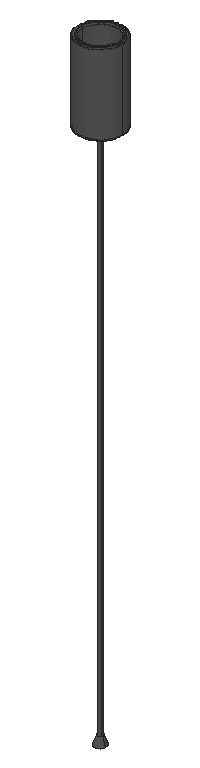
Revit family "CARLO CYLINDER LIGHT Pendant_ Surface", category Lighting Fixtures, host Face, Revit 2020 (continued)
Types (13): name | Wattage_Input | Wattage Comments | Wattage | built-in parameter 1150134 | Size 08 | Size 04 | Photometric Web File | built-in parameter 1150142 | Model | built-in parameter 1150105 | Lumens | built-in parameter 1150107 | built-in parameter 1150106 | Fixture Height | Fixture Diameter | BEAMING ANGLE | Apparent Load
  CCL3-06-10SPSW8-60-PSM-BK | 10 W | "6W/8W/10W" | 6.05889 W | (empty or 0) | yes | no | "CCL3 10W 3000K 60° (up and down light).IES" | "IESNA:LM-63-2002\r\n[TEST] CCL3 10W 3000K 60¡ã (up and down light)\r\n[TESTLAB] EVERFINE\r\n[TESTDATE] 2024-07-04\r\n[ISSUEDATE] 2024-07-05 00:33:17\r\n[NEARFIELD] \r\n[LAMPPOSITION] 0,0\r\n[OTHER] EVERFINE GO-2000_V1 SYSTEM\r\n[MANUFAC] Aboveall lighting\r\nTILT=NONE\r\n1 1457.8 1 361 73 1 2 0.000 0.000 0.000\r\n1.000 1 9.38932\r\n0.0    0.5    1.0    1.5    2.0    2.5    3.0    3.5    4.0    4.5    \r\n 5.0    5.5    6.0    6.5    7.0    7.5    8.0    8.5    9.0    9.5    \r\n 10.0   10.5   11.0   11.5   12.0   12.5   13.0   13.5   14.0   14.5   \r\n 15.0   15.5   16.0   16.5   17.0   17.5   18.0   18.5   19.0   19.5   \r\n 20.0   20.5   21.0   21.5   22.0   22.5   23.0   23.5   24.0   24.5   \r\n 25.0   25.5   26.0   26.5   27.0   27.5   28.0   28.5   29.0   29.5   \r\n 30.0   30.5   31.0   31.5   32.0   32.5   33.0   33.5   34.0   34.5   \r\n 35.0   35.5   36.0   36.5   37.0   37.5   38.0   38.5   39.0   39.5   \r\n 40.0   40.5   41.0   41.5   42.0   42.5   43.0   43.5   44.0   44.5   \r\n 45.0   45.5   46.0   46.5   47.0   47.5   48.0   48.5   49.0   49.5   \r\n 50.0   50.5   51.0   51.5   52.0   52.5   53.0   53.5   54.0   54.5   \r\n 55.0   55.5   56.0   56.5   57.0   57.5   58.0   58.5   59.0   59.5   \r\n 60.0   60.5   61.0   61.5   62.0   62.5   63.0   63.5   64.0   64.5   \r\n 65.0   65.5   66.0   66.5   67.0   67.5   68.0   68.5   69.0   69.5   \r\n 70.0   70.5   71.0   71.5   72.0   72.5   73.0   73.5   74.0   74.5   \r\n 75.0   75.5   76.0   76.5   77.0   77.5   78.0   78.5   79.0   79.5   \r\n 80.0   80.5   81.0   81.5   82.0   82.5   83.0   83.5   84.0   84.5   \r\n 85.0   85.5   86.0   86.5   87.0   87.5   88.0   88.5   89.0   89.5   \r\n 90.0   90.5   91.0   91.5   92.0   92.5   93.0   93.5   94.0   94.5   \r\n 95.0   95.5   96.0   96.5   97.0   97.5   98.0   98.5   99.0   99.5   \r\n 100.0  100.5  101.0  101.5  102.0  102.5  103.0  103.5  104.0  104.5  \r\n 105.0  105.5  106.0  106.5  107.0  107.5  108.0  108.5  109.0  109.5  \r\n 110.0  110.5  111.0  111.5  112.0  112.5  113.0  113.5  114.0  114.5  \r\n 115.0  115.5  116.0  116.5  117.0  117.5  118.0  118.5  119.0  119.5  \r\n 120.0  120.5  121.0  121.5  122.0  122.5  123.0  123.5  124.0  124.5  \r\n 125.0  125.5  126.0  126.5  127.0  127.5  128.0  128.5  129.0  129.5  \r\n 130.0  130.5  131.0  131.5  132.0  132.5  133.0  133.5  134.0  134.5  \r\n 135.0  135.5  136.0  136.5  137.0  137.5  138.0  138.5  139.0  139.5  \r\n 140.0  140.5  141.0  141.5  142.0  142.5  143.0  143.5  144.0  144.5  \r\n 145.0  145.5  146.0  146.5  147.0  147.5  148.0  148.5  149.0  149.5  \r\n 150.0  150.5  151.0  151.5  152.0  152.5  153.0  153.5  154.0  154.5  \r\n 155.0  155.5  156.0  156.5  157.0  157.5  158.0  158.5  159.0  159.5  \r\n 160.0  160.5  161.0  161.5  162.0  162.5  163.0  163.5  164.0  164.5  \r\n 165.0  165.5  166.0  166.5  167.0  167.5  168.0  168.5  169.0  169.5  \r\n 170.0  170.5  171.0  171.5  172.0  172.5  173.0  173.5  174.0  174.5  \r\n 175.0  175.5  176.0  176.5  177.0  177.5  178.0  178.5  179.0  179.5  \r\n 180.0  \r\n0.0    5.0    10.0   15.0   20.0   25.0   30.0   35.0   40.0   45.0   \r\n 50.0   55.0   60.0   65.0   70.0   75.0   80.0   85.0   90.0   95.0   \r\n 100.0  105.0  110.0  115.0  120.0  125.0  130.0  135.0  140.0  145.0  \r\n 150.0  155.0  160.0  165.0  170.0  175.0  180.0  185.0  190.0  195.0  \r\n 200.0  205.0  210.0  215.0  220.0  225.0  230.0  235.0  240.0  245.0  \r\n 250.0  255.0  260.0  265.0  270.0  275.0  280.0  285.0  290.0  295.0  \r\n 300.0  305.0  310.0  315.0  320.0  325.0  330.0  335.0  340.0  345.0  \r\n 350.0  355.0  360.0  \r\n2.1273 850.71 850.07 848.95 847.54 846.03 844.28 842.16 839.81 837.34 \r\n 834.72 832.11 829.1 825.12 820.78 816.62 812.35 807.84 803.15 798.2 \r\n 793.25 788.78 784.1 778.65 772.54 765.63 758.12 750.21 741.84 732.95 \r\n 723.75 714.48 705.07 695.58 685.84 675.65 665.2 654.6 643.87 633.13 \r\n 622.18 610.75 599.21 588.08 576.64 564.09 551.15 538.13 525.36 513.26 \r\n 501.81 491.21 481.14 471.27 461.75 452.76 443.86 434.55 425.14 415.73 \r\n 406.41 397.36 388.36 379.21 370.05 361.01 351.9 342.71 333.16 323.41 \r\n 312.17 297.87 281.56 263.45 244.52 225.97 207.4 188.94 170.29 150.89 \r\n 131.62 113.26 95.54 78.118 62.08 48.331 37.079 29.085 23.595 20.498 \r\n 18.627 16.657 14.943 13.365 12.025 11.016 10.242 9.6631 9.2007 8.7553 \r\n 8.3517 7.9857 7.6446 7.3106 6.9947 6.7057 6.4327 6.1654 5.9112 5.676 \r\n 5.4537 5.244 5.0365 4.8137 4.5959 4.4028 4.2186 4.0322 3.8498 3.6758 \r\n 3.5049 3.3311 3.1613 2.9999 2.8483 2.7132 2.5832 2.4465 2.3108 2.18 \r\n 2.0542 1.9353 1.8215 1.7107 1.6049 1.5046 1.4123 1.3348 1.2596 1.1824 \r\n 1.1073 1.0361 0.9709 0.91677 0.86667 0.81507 0.76248 0.70495 0.65038 0.60861 \r\n 0.56984 0.5253 0.48178 0.44413 0.40946 0.37586 0.34526 0.32061 0.29699 0.26947 \r\n 0.24098 0.20996 0.18487 0.18008 0.17636 0.15407 0.12881 0.11221 0.09655 0.078041 \r\n 0.056577 0.026168 0.00067114 0 0 0 0 0 0 0 \r\n 0 0 0 0 0 0 0 0 0 0.0029607 \r\n 0.0079125 0.014875 0.023841 0.032832 0.047786 0.079568 0.11142 0.12467 0.13594 0.15837 \r\n 0.18375 0.20777 0.23183 0.2534 0.27992 0.32276 0.36765 0.40031 0.43202 0.47004 \r\n 0.512 0.55836 0.60775 0.65827 0.71183 0.77034 0.83185 0.89392 0.95999 1.036 \r\n 1.112 1.1757 1.2405 1.3165 1.4004 1.4939 1.5924 1.6975 1.8085 1.9236 \r\n 2.0487 2.1947 2.3447 2.4826 2.6167 2.7445 2.8812 3.0485 3.2249 3.3932 \r\n 3.5616 3.7299 3.9061 4.1021 4.3062 4.5085 4.7148 4.9291 5.1473 5.3632 \r\n 5.588 5.8332 6.0923 6.3616 6.6448 6.9432 7.2596 7.5931 7.9558 8.3626 \r\n 8.8034 9.2646 9.7717 10.3 10.987 11.965 13.219 14.766 16.643 18.933 \r\n 21.524 23.864 27.364 33.279 41.524 52.728 65.996 80.664 96.66 113.77 \r\n 131.75 150.13 169.36 190.11 211.29 231.96 252.32 272.59 291.77 309.05 \r\n 324.14 335.99 346.12 355.79 364.82 373.33 381.64 390.21 398.74 406.99 \r\n 415.18 423.5 431.81 440 448.22 456.48 465.05 474.4 484.01 493.38 \r\n 502.97 513 523.67 535.46 547.85 560.62 573.38 585.62 597.45 608.8 \r\n 619.83 630.69 641.26 651.45 661.35 671.07 680.52 689.63 698.47 707.05 \r\n 715.38 723.44 731.26 738.9 746.15 752.5 758.81 766.13 773.32 779.34 \r\n 784.93 790.45 795.97 801.78 807.61 813.36 818.89 824.18 828.73 831.65 \r\n 834.14 837.37 840.54 843.19 845.46 847.32 848.82 850.07 850.9 851.17 \r\n 849.27 \r\n2.1273 850.73 850.04 848.95 847.58 846.06 844.28 842.16 839.84 837.44 \r\n 834.89 832.23 829.16 825.19 820.88 816.71 812.41 807.84 803.12 798.31 \r\n 793.49 788.98 784.19 778.6 772.38 765.49 758.04 750.12 741.74 732.85 \r\n 723.66 714.37 704.95 695.5 685.8 675.57 665.09 654.56 643.87 633 \r\n 621.91 610.46 598.94 587.78 576.31 563.72 550.75 537.72 525.03 513.32 \r\n 502.25 491.73 481.59 471.61 461.96 452.92 443.99 434.66 425.25 415.95 \r\n 406.72 397.66 388.63 379.52 370.39 361.34 352.24 343.1 333.58 323.7 \r\n 312.38 298.25 282.13 264.03 245.03 226.36 207.61 188.84 169.87 150.23 \r\n 130.83 112.48 94.891 77.761 61.985 48.226 36.895 28.899 23.423 20.352 \r\n 18.504 16.535 14.822 13.267 11.951 10.949 10.178 9.6114 9.1611 8.7214 \r\n 8.3204 7.9553 7.6135 7.2774 6.959 6.6685 6.3941 6.125 5.8693 5.6339 \r\n 5.4125 5.2049 4.9993 4.7767 4.5584 4.3643 4.1795 3.9941 3.8133 3.6409 \r\n 3.4713 3.2969 3.1266 2.9667 2.8168 2.6819 2.5515 2.4136 2.2765 2.1439 \r\n 2.0177 1.9031 1.7939 1.6845 1.5795 1.4816 1.3916 1.3149 1.2404 1.1646 \r\n 1.0904 1.0184 0.95195 0.89671 0.84581 0.794 0.74207 0.68734 0.63503 0.59175 \r\n 0.55075 0.50527 0.46206 0.42783 0.39604 0.36005 0.32684 0.30396 0.28299 0.2567 \r\n 0.22901 0.19854 0.17395 0.17035 0.16706 0.14244 0.11451 0.096708 0.081073 0.064185 \r\n 0.045819 0.021012 0.00054348 0 0 0 0 0 0 0 \r\n 0 0 0 0 0 0 0.000024 0.00027602 0.00274 0.010571 \r\n 0.020457 0.029557 0.039612 0.049836 0.064967 0.094303 0.12337 0.13557 0.14662 0.16968 \r\n 0.19585 0.22017 0.24392 0.26385 0.2885 0.32994 0.37424 0.40858 0.44171 0.47783 \r\n 0.5178 0.56516 0.61597 0.66681 0.71977 0.77599 0.8349 0.89524 0.96029 1.0364 \r\n 1.1132 1.179 1.2454 1.3202 1.4034 1.4992 1.6025 1.7096 1.8209 1.9323 \r\n 2.0533 2.1985 2.3482 2.4841 2.6166 2.7457 2.8834 3.0471 3.2198 3.3886 \r\n 3.5584 3.7275 3.904 4.0993 4.3014 4.4982 4.7007 4.9197 5.143 5.3563 \r\n 5.5766 5.8189 6.0751 6.3412 6.6211 6.9161 7.2294 7.5627 7.9221 8.3144 \r\n 8.7397 9.1935 9.695 10.221 10.895 11.829 13.028 14.525 16.351 18.587 \r\n 21.12 23.423 26.819 32.418 40.329 51.396 64.523 78.832 94.508 111.61 \r\n 129.64 147.96 167.08 187.64 208.61 229.11 249.4 269.77 289.18 306.81 \r\n 322.27 334.34 344.61 354.34 363.38 371.94 380.28 388.84 397.34 405.55 \r\n 413.72 422.05 430.35 438.44 446.59 455 463.71 472.87 482.28 491.68 \r\n 501.34 511.38 522.04 533.76 546.1 558.89 571.69 583.96 595.86 607.32 \r\n 618.46 629.42 640.07 650.33 660.29 670 679.46 688.68 697.61 706.23 \r\n 714.56 722.61 730.41 738.03 745.29 751.76 758.2 765.59 772.84 778.97 \r\n 784.64 790.12 795.57 801.33 807.19 813.14 818.85 824.08 828.54 831.47 \r\n 833.99 837.24 840.44 843.13 845.45 847.36 848.9 850.08 850.86 851.17 \r\n 849.27 \r\n2.1273 850.73 850 848.96 847.65 846.1 844.29 842.17 839.88 837.56 \r\n 835.06 832.35 829.23 825.3 821.04 816.87 812.55 807.9 803.15 798.47 \r\n 793.78 789.2 784.29 778.54 772.2 765.36 757.99 750.06 741.65 732.78 \r\n 723.62 714.33 704.9 695.48 685.8 675.52 665 654.56 643.94 632.96 \r\n 621.75 610.29 598.76 587.56 576.03 563.42 550.45 537.41 524.81 513.51 \r\n 502.85 492.42 482.25 472.14 462.35 453.23 444.26 434.91 425.54 416.36 \r\n 407.26 398.19 389.15 380.08 371.01 361.99 352.91 343.82 334.33 324.35 \r\n 312.96 299.03 283.14 265.09 246.04 227.26 208.3 189.13 169.75 149.87 \r\n 130.33 111.97 94.507 77.687 62.188 48.387 36.93 28.878 23.368 20.293 \r\n 18.451 16.474 14.758 13.222 11.926 10.923 10.15 9.593 9.1538 8.7183 \r\n 8.3177 7.9487 7.6016 7.2617 6.9399 6.6461 6.3688 6.0965 5.8384 5.6017 \r\n 5.3801 5.1739 4.9699 4.7474 4.5285 4.3327 4.1465 3.962 3.7825 3.6107 \r\n 3.4412 3.2667 3.0963 2.9377 2.7887 2.6527 2.5204 2.3815 2.2434 2.1083 \r\n 1.9811 1.8711 1.7675 1.6601 1.5566 1.4613 1.3735 1.2967 1.2227 1.1488 \r\n 1.0759 1.0027 0.93419 0.87699 0.82457 0.77224 0.72097 0.6695 0.61977 0.57416 \r\n 0.53008 0.48375 0.44115 0.41036 0.38131 0.34256 0.30634 0.28506 0.26665 0.24149 \r\n 0.21462 0.18506 0.16123 0.1584 0.15511 0.12843 0.097939 0.07793 0.061387 0.04636 \r\n 0.031954 0.014351 0.00037891 0 0 0 0 0 0 0 \r\n 0 0 0 0 0 0 0.000058 0.0015187 0.0066926 0.020527 \r\n 0.036456 0.048321 0.05985 0.071587 0.086934 0.11334 0.13921 0.15079 0.16208 0.18545 \r\n 0.21197 0.23647 0.26001 0.27895 0.30219 0.34159 0.38461 0.42086 0.45582 0.49009 \r\n 0.52801 0.57627 0.62845 0.67969 0.73206 0.78573 0.84165 0.89975 0.96334 1.0393 \r\n 1.1169 1.1854 1.2543 1.3281 1.4106 1.5104 1.6182 1.7275 1.8388 1.9463 \r\n 2.063 2.2072 2.3564 2.4901 2.6208 2.7515 2.8903 3.0503 3.219 3.3872 \r\n 3.5579 3.7282 3.9055 4.0998 4.2992 4.4898 4.6877 4.9116 5.1401 5.3507 \r\n 5.5661 5.8046 6.0572 6.3198 6.596 6.8866 7.1961 7.5296 7.8861 8.2627 \r\n 8.6708 9.1163 9.6116 10.136 10.795 11.677 12.813 14.259 16.031 18.2 \r\n 20.658 22.916 26.188 31.406 38.92 49.827 62.811 76.78 92.166 109.27 \r\n 127.39 145.73 164.8 185.13 205.85 226.18 246.38 266.76 286.33 304.38 \r\n 320.28 332.6 343.03 352.8 361.85 370.46 378.83 387.35 395.79 403.97 \r\n 412.11 420.45 428.74 436.71 444.77 453.36 462.21 471.17 480.35 489.79 \r\n 499.55 509.61 520.26 531.93 544.21 557.02 569.86 582.16 594.1 605.67 \r\n 616.94 628 638.75 649.11 659.14 668.85 678.31 687.63 696.68 705.34 \r\n 713.68 721.73 729.51 737.12 744.39 751 757.58 765.02 772.31 778.57 \r\n 784.34 789.76 795.14 800.86 806.74 812.88 818.76 823.91 828.25 831.22 \r\n 833.82 837.1 840.33 843.07 845.44 847.41 848.98 850.07 850.78 851.15 \r\n 849.27 \r\n2.1273 850.73 849.94 848.97 847.73 846.15 844.29 842.19 839.93 837.68 \r\n 835.23 832.46 829.28 825.41 821.21 817.04 812.69 807.98 803.18 798.62 \r\n 794.03 789.38 784.32 778.4 771.94 765.16 757.88 749.93 741.5 732.66 \r\n 723.53 714.25 704.83 695.41 685.73 675.4 664.85 654.5 643.95 632.89 \r\n 621.57 610.08 598.54 587.27 575.68 563.05 550.1 537.04 524.54 513.63 \r\n 503.36 493.04 482.86 472.66 462.75 453.53 444.5 435.17 425.86 416.81 \r\n 407.83 398.78 389.73 380.72 371.72 362.74 353.7 344.67 335.2 325.14 \r\n 313.7 299.95 284.25 266.26 247.19 228.29 209.1 189.51 169.7 149.59 \r\n 129.93 111.55 94.181 77.666 62.447 48.619 37.048 28.932 23.372 20.28 \r\n 18.433 16.446 14.726 13.207 11.929 10.924 10.147 9.5981 9.1681 8.7356 \r\n 8.3342 7.9586 7.6035 7.2592 6.9338 6.6359 6.3546 6.0789 5.818 5.5795 \r\n 5.357 5.1515 4.9485 4.7263 4.507 4.309 4.121 3.9371 3.7586 3.5866 \r\n 3.4167 3.242 3.0719 2.9144 2.766 2.6278 2.493 2.3533 2.2144 2.0766 \r\n 1.948 1.8425 1.7444 1.6395 1.5378 1.4447 1.3587 1.2813 1.2076 1.1359 \r\n 1.0648 0.99014 0.91903 0.85945 0.80514 0.75214 0.70146 0.65329 0.60611 0.55782 \r\n 0.51037 0.46339 0.42158 0.39392 0.36726 0.32575 0.28652 0.26659 0.25046 0.22629 \r\n 0.20022 0.17183 0.14893 0.14638 0.14263 0.11433 0.081704 0.058938 0.040863 0.027692 \r\n 0.017468 0.0073882 0.00020714 0 0 0 0 0 0 0 \r\n 0 0 0 0 0 0 0.000096 0.0029544 0.011044 0.030973 \r\n 0.052992 0.067637 0.080667 0.09402 0.1097 0.13321 0.15598 0.16734 0.17912 0.20245 \r\n 0.22889 0.25347 0.27692 0.29542 0.3177 0.35474 0.39606 0.43422 0.47114 0.50373 \r\n 0.53973 0.58872 0.6421 0.6938 0.7457 0.79679 0.84963 0.90533 0.96725 1.0428 \r\n 1.1209 1.1926 1.2644 1.3372 1.4191 1.5228 1.6349 1.7462 1.8575 1.9615 \r\n 2.0742 2.2173 2.3658 2.4973 2.6263 2.7585 2.8982 3.0547 3.2195 3.3867 \r\n 3.5575 3.7293 3.9075 4.1007 4.2973 4.4813 4.6744 4.9028 5.1363 5.3442 \r\n 5.5547 5.7893 6.0381 6.2972 6.5696 6.8554 7.1607 7.4942 7.848 8.2094 \r\n 8.6007 9.0379 9.5266 10.048 10.691 11.519 12.59 13.987 15.705 17.799 \r\n 20.172 22.382 25.521 30.333 37.422 48.146 60.986 74.664 89.817 106.96 \r\n 125.18 143.61 162.68 182.78 203.23 223.4 243.49 263.83 283.49 301.96 \r\n 318.33 330.92 341.51 351.33 360.38 369.03 377.43 385.89 394.26 402.4 \r\n 410.51 418.85 427.13 434.96 442.94 451.68 460.67 469.44 478.41 487.9 \r\n 497.76 507.83 518.48 530.09 542.34 555.16 568.04 580.35 592.32 604 \r\n 615.39 626.56 637.42 647.88 657.98 667.7 677.17 686.6 695.76 704.46 \r\n 712.82 720.86 728.64 736.25 743.55 750.29 757.01 764.47 771.78 778.17 \r\n 784.05 789.43 794.72 800.41 806.31 812.63 818.66 823.69 827.91 830.94 \r\n 833.65 836.97 840.22 843.01 845.42 847.45 849.04 850.05 850.67 851.11 \r\n 849.27 \r\n2.1273 850.71 849.87 848.97 847.82 846.2 844.3 842.21 839.97 837.77 \r\n 835.35 832.53 829.31 825.49 821.36 817.18 812.8 808.02 803.19 798.71 \r\n 794.19 789.43 784.22 778.13 771.55 764.82 757.63 749.65 741.18 732.37 \r\n 723.28 714.03 704.62 695.19 685.48 675.1 664.52 654.25 643.78 632.66 \r\n 621.25 609.73 598.15 586.79 575.12 562.48 549.53 536.49 524.08 513.49 \r\n 503.54 493.35 483.19 472.94 462.95 453.65 444.57 435.27 426.04 417.12 \r\n 408.25 399.22 390.19 381.25 372.32 363.41 354.43 345.44 335.99 325.87 \r\n 314.41 300.75 285.16 267.19 248.08 229.06 209.65 189.65 169.44 149.15 \r\n 129.42 111.01 93.709 77.468 62.515 48.725 37.116 28.97 23.379 20.271 \r\n 18.417 16.422 14.703 13.202 11.943 10.939 10.159 9.6166 9.1933 8.7631 \r\n 8.3603 7.9775 7.6143 7.2658 6.937 6.6349 6.3496 6.0707 5.8074 5.5672 \r\n 5.3438 5.1382 4.9354 4.7138 4.4944 4.2943 4.1041 3.9207 3.7431 3.5702 \r\n 3.3994 3.2248 3.0551 2.8985 2.7502 2.6096 2.4722 2.3319 2.1927 2.0523 \r\n 1.9224 1.8204 1.727 1.6247 1.5248 1.4333 1.3481 1.27 1.1964 1.1271 \r\n 1.0579 0.98166 0.90792 0.84595 0.78975 0.73606 0.68585 0.64054 0.59555 0.54471 \r\n 0.49414 0.44679 0.40588 0.38074 0.35591 0.31199 0.27017 0.25124 0.23694 0.21356 \r\n 0.18822 0.16117 0.13928 0.13643 0.13178 0.10246 0.068396 0.042798 0.022869 0.011308 \r\n 0.0048406 0.0013259 0.000057 0 0 0 0 0 0 0 \r\n 0 0 0 0 0 0 0.0001302 0.0043043 0.014982 0.040053 \r\n 0.067145 0.083977 0.098176 0.11307 0.12927 0.15046 0.17075 0.18219 0.19456 0.21747 \r\n 0.24341 0.26796 0.29144 0.30994 0.33172 0.36641 0.40588 0.4457 0.48445 0.51568 \r\n 0.55007 0.59956 0.65383 0.70608 0.75769 0.80639 0.85634 0.90985 0.97015 1.0449 \r\n 1.1231 1.1979 1.2727 1.3448 1.4261 1.5328 1.6483 1.761 1.8723 1.9737 \r\n 2.0832 2.2251 2.3727 2.5025 2.6303 2.7632 2.9032 3.0568 3.2184 3.3844 \r\n 3.555 3.7279 3.9071 4.0993 4.29
